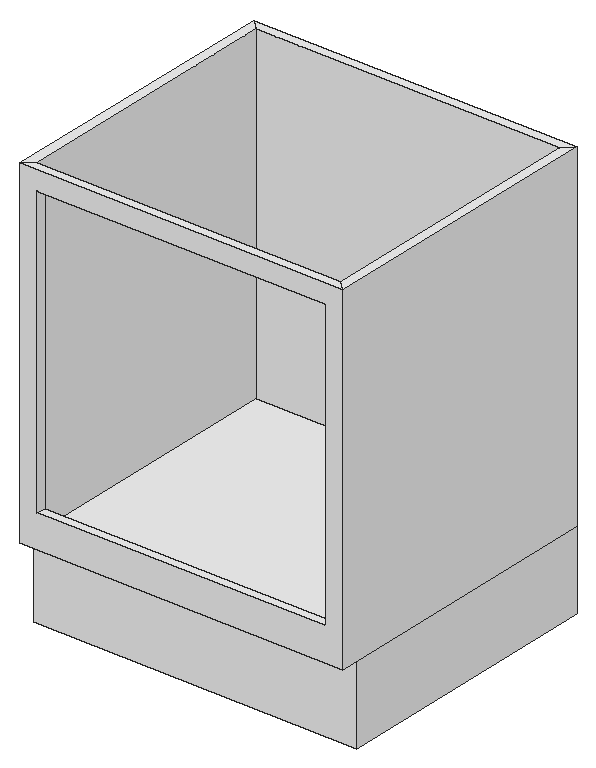
Revit family
Parameters (values of type "664mm")
  Cabinet Material = none
  Depth = 600 mm
  Height = 860 mm
  Opening Height = 594 mm
  Plinth Depth = 35 mm
  Plinth Height = 160 mm
  Stile Width = 35 mm
  Type Comments = "594mm x 594mm Built-in"
  Width = 664 mm
Reference planes
  plane 1 "Back": y = 0
  plane 2: z = 0
  plane 3 "Center": x = 18.738
  plane 4 "Left": x = -313.262
  plane 5 "Right": x = 350.738
  plane 6 "Front": y = -600
  plane 7 "Top": z = 860
  plane 8: y = -565
  plane 9: z = 160
  plane 10: z = 821.9
  plane 11: z = 179.05
  plane 12: x = -278.262
  plane 13: x = 315.738
  plane 14: z = 227.9
Forms (mm)
  Extrusion 1, solid, material <- "Cabinet Material"
    sketch origin (0, 0, 0) x (1, 0, 0) y (0, 1, 0)
      loop
        line (-313.262, 0) -> (-313.262, -565) -> (350.738, -565) -> (350.738, 0) -> (-313.262, 0)
    from 0 to 160
  Sweep 2, solid, material <- "Cabinet Material"
    path origin (0, 0, 0) x (1, 0, 0) y (0, 1, 0)
      loop
        line (350.738, 0) -> (-313.262, 0) -> (-313.262, -600) -> (350.738, -600) -> (350.738, 0)
    profile origin (0, -300, 0) x (1, 0, 0) y (0, 0, 1)
      loop
        line (350.738, 160) -> (350.738, 860) -> (331.688, 860) -> (331.688, 160) -> (350.738, 160)
  Extrusion 3, solid, material <- "Cabinet Material"
    sketch origin (0, 0, 0) x (1, 0, 0) y (0, 1, 0)
      loop
        line (-294.212, -19.05) -> (-294.212, -580.95) -> (331.688, -580.95) -> (331.688, -19.05) -> (-294.212, -19.05)
    from 179.05 to 160
  Extrusion 4, void
    sketch origin (0, -600, 0) x (1, 0, 0) y (0, 0, 1)
      loop
        line (-278.262, 227.9) -> (315.738, 227.9) -> (315.738, 821.9) -> (-278.262, 821.9) -> (-278.262, 227.9)
    from -19.05 to 0
Cuts and joins
  Extrusion 4 cuts Extrusion 1
  Extrusion 4 cuts Sweep 2
  Extrusion 4 cuts Extrusion 3
Lines and regions (mm)
  symbolic lines, style "Plan Rep - Below"
    curve 1: line (350.738, -600, 0) -> (-313.262, -600, 0)
    curve 2: line (350.738, 0, 0) -> (350.738, -600, 0)
    curve 3: line (-313.262, 0, 0) -> (350.738, 0, 0)
    curve 4: line (-313.262, -600, 0) -> (-313.262, 0, 0)
  symbolic lines, style "Built-in Opening"
    curve 5: line (-278.262, -600, 0) -> (-278.262, -19.05, 0)
    curve 6: line (-278.262, -19.05, 0) -> (315.738, -19.05, 0)
    curve 7: line (315.738, -19.05, 0) -> (315.738, -600, 0)
Dimensions and locks
  "Depth": plane 6 "Front" to plane 1 "Back"
  "Width": plane 4 "Left" to plane 5 "Right"
  equal spacing: plane 4 "Left", plane 3 "Center", plane 5 "Right"
  "Height": level to plane 7 "Top"
  "Plinth Height": plane 2 to plane 9
  "Plinth Depth": plane 6 "Front" to plane 8
  "Stile Width": plane 4 "Left" to plane 12
  "Stile Width": plane 13 to plane 5 "Right"
  locked: plane 7 "Top" to plane 10 at 38.1
  locked: plane 11 to plane 9 at 19.05
  "Opening Height": plane 10 to plane 14
  aligned and locked: plane 1 "Back" to Extrusion 1 sketch curve
  aligned and locked: Extrusion 1 sketch curve to plane 5 "Right"
  aligned and locked: Extrusion 1 sketch curve to plane 8
  aligned and locked: plane 4 "Left" to Extrusion 1 sketch curve
  aligned and locked: Extrusion 1 to level
  aligned and locked: Sweep 2 sketch curve to plane 6 "Front"
  aligned and locked: plane 1 "Back" to Sweep 2 sketch curve
  aligned and locked: Sweep 2 sketch curve to plane 5 "Right"  (x2)
  aligned and locked: plane 4 "Left" to Sweep 2 sketch curve
  aligned and locked: plane 7 "Top" to Sweep 2 sketch curve
  aligned and locked: plane 9 to Sweep 2 sketch curve
  aligned and locked: Sweep 2 to Extrusion 3 sketch curve  (x2)
  aligned and locked: Extrusion 3 sketch curve to Sweep 2  (x2)
  aligned and locked: Extrusion 3 to plane 11
  aligned and locked: Extrusion 3 to plane 9
  aligned and locked: plane 9 to Extrusion 1
  aligned and locked: cut or joined group of Sweep 2, Extrusion 4 to Extrusion 4
  aligned and locked: plane 6 "Front" to Extrusion 4
  aligned and locked: Extrusion 4 sketch curve to plane 10
  aligned and locked: plane 14 to Extrusion 4 sketch curve
  aligned and locked: plane 12 to Extrusion 4 sketch curve
  aligned and locked: Extrusion 4 sketch curve to plane 13
Automatic sketch dimensions
  profile plane to Sweep 2 sketch curve = 19.05 mm
  curve 4 to plane 1 "Back" = 0 mm
  curve 4 to plane 4 "Left" = 0 mm
  curve 5 to plane 6 "Front" = 0 mm
  curve 5 to plane 12 = 0 mm
  curve 6 to plane 13 = 0 mm
  curve 3 to plane 5 "Right" = 0 mm
  plane 1 "Back" to curve 6 = 19.05 mm
